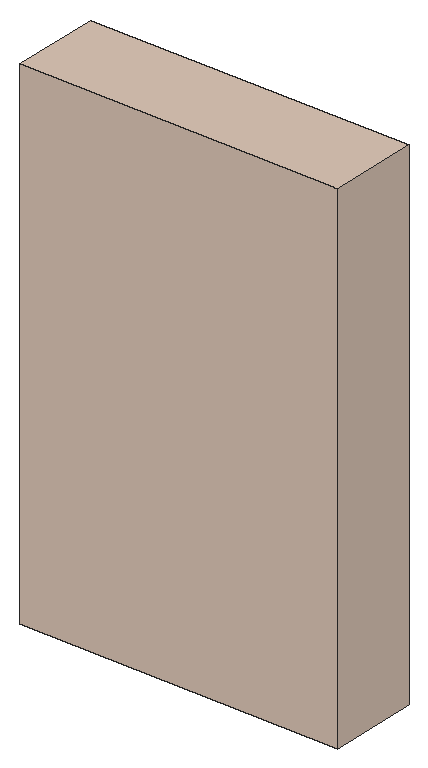
Revit family "Niche_NobleCompany_303", category Generic Models, host Wall, Revit 2017
Family settings
  Host = Wall
  Can host rebar = No
  Round Connector Dimension = Use Diameter
  Part Type = Normal
  Always vertical = Yes
  Cut with Voids When Loaded = No
  Shared = No
  Room Calculation Point = No
Parameters (values of type "303  Wide Arch Combo")
  Width = 1' - 2 1/4"
  URL = "www.noblecompany.com"
  Tile Thickness [instance] = 0' - 0 1/4"
  Thickness = 0' - 1 1/8"
  Specification = ""
  Sales Information = "http://noblecompany.com/contact/"
  Revision = "R1_09-2016"
  Product Properties = "http://noblecompany.com/products/noble-niches"
  Product Data = "http://www.arcat.com/arcatcos/cos34/arc34489.html"
  Niche Material = Acrylic Polymer Finish
  Model = "303"
  Manufacturer Website = "www.noblecompany.com"
  Manufacturer Phone - Toll Free = "800-878-5788"
  Manufacturer Phone = "231-799-8000"
  Manufacturer Fax = "231-799-8850"
  Manufacturer Address = "P. O. Box 350, Grand Haven, MI 49417-0350"
  Manufacturer = "Noble Company"
  Keynote = "10 28 00"
  Installation-Fabrication = "http://noblecompany.com/storage/docs/resources/NN062016-13_Noble_Niche_Installation_Instruction.pdf"
  Instal Height [instance] = 5' - 0"
  Height = 1' - 10 1/2"
  Drawn By = "Sumex Design - Robert S Weygant"
  Description = "303 Wide Arch Combo Niche"
  Depth = 0' - 4"
  Copyright = "� 2016 ARCAT Inc."
  Construction Details = ""
  Assembly Code = "D2010700"
Reference planes (in)
  plane 1: y = 0
  plane 2 "Center (Left/Right)": x = 0
  plane 3 "Wall Edge": y = 3
  plane 4: x = -7.125
  plane 5: y = 2.75
  plane 6: y = -1.25
  plane 7: x = 7.125
  plane 8: z = 60
  plane 9: z = 37.5
  plane 10: x = -6
  plane 11: x = 6
  plane 12: y = -0.75
  plane 13: z = 38.75
  plane 14: z = 58.875
Forms (in)
  Extrusion 1, void
    sketch origin (0, 0, 0) x (1, 0, 0) y (0, 1, 0)
      loop
        line (-7.125, 2.75) -> (-7.125, -1.25) -> (7.125, -1.25) -> (7.125, 2.75) -> (-7.125, 2.75)
    from 37.5 to 60
  Extrusion 2, solid, material "Acrylic Polymer Finish" <- "Niche Material"
    sketch origin (0, 0, 0) x (1, 0, 0) y (0, 1, 0)
      loop
        line (-7.125, 2.75) -> (-7.125, -1.25) -> (7.125, -1.25) -> (7.125, 2.75) -> (-7.125, 2.75)
    from 37.5 to 60
  Extrusion 3, void
    sketch origin (0, 3, 0) x (1, 0, 0) y (0, 0, 1)
      loop
        line (6, 38.75) -> (6, 44.75) -> (-6, 44.75) -> (-6, 38.75) -> (6, 38.75)
      loop
        line (-6, 56.875) -> (-6, 46.875) -> (6, 46.875) -> (6, 56.875)
        arc (6, 56.875) -> (0, 58.875) -> (-6, 56.875) r 10
    from 0 to 3.75
Cuts and joins
  Extrusion 3 cuts Extrusion 2
Text (in)
  text "Placement Side" at (0, 40.15149, 123.01588), in view "Right"
  text "Placement Side" at (-105.78919, 39.84311, 0), in view "Ref. Level"
  text "Placement Side" at (0, 81.62555, 140.59947), in view "Left"
Dimensions and locks (in)
  host wall to plane 3 "Wall Edge" = 0' - 0"
  equal spacing: plane 4, plane 2 "Center (Left/Right)", plane 7
  "Width": plane 4 to plane 7
  "Depth": plane 5 to plane 6
  "Height": plane 9 to plane 8
  "Instal Height": level to plane 8
  locked: plane 12 to plane 6 at 0.5
  locked: plane 4 to plane 10 at 1.125
  locked: plane 11 to plane 7 at 1.125
  "Thickness": plane 14 to plane 8
  plane 9 to plane 13 = 0' - 1 1/4"
  host wall to plane 5 = 0' - 0 1/4"
  "Tile Thickness": plane 5 to plane 3 "Wall Edge"
  locked: plane 13 to Extrusion 3 sketch curve at 6
  locked: Extrusion 3 sketch curve to Extrusion 3 sketch curve at 2.125
  aligned and locked: Extrusion 1 sketch curve to plane 5
  aligned and locked: plane 4 to Extrusion 1 sketch curve
  aligned and locked: plane 6 to Extrusion 1 sketch curve
  aligned and locked: plane 7 to Extrusion 1 sketch curve
  aligned and locked: plane 8 to Extrusion 1
  aligned and locked: Extrusion 1 to plane 9
  aligned and locked: Extrusion 2 sketch curve to plane 5
  aligned and locked: plane 4 to Extrusion 2 sketch curve
  aligned and locked: plane 6 to Extrusion 2 sketch curve
  aligned and locked: plane 7 to Extrusion 2 sketch curve
  aligned and locked: plane 8 to Extrusion 2
  aligned and locked: Extrusion 2 to plane 9
  aligned and locked: plane 11 to Extrusion 3 sketch curve
  aligned and locked: plane 10 to Extrusion 3 sketch curve
  aligned and locked: Extrusion 3 to plane 12
  aligned and locked: Extrusion 3 sketch curve to plane 13
  aligned and locked: Extrusion 3 to plane 3 "Wall Edge"
  aligned and locked: plane 3 "Wall Edge" to host wall
  aligned and locked: Extrusion 3 sketch curve to plane 11
  aligned and locked: Extrusion 3 sketch curve to plane 10
Automatic sketch dimensions
  Extrusion 3 sketch curve to plane 2 "Center (Left/Right)" = 0' - 0"
  Extrusion 3 sketch curve to Extrusion 3 sketch curve = 0' - 2"
  Extrusion 3 sketch curve to plane 14 = 0' - 2"
